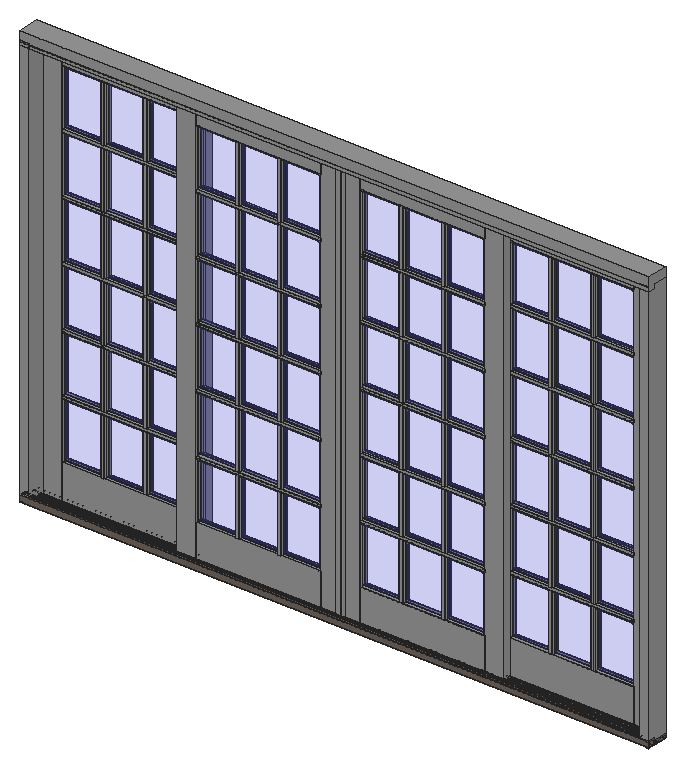
Revit family "VSDA3.1SPCO", category Doors, host Wall, Revit 2015
Parameters (values of type "VSDA3.1SPCO")
  Function = Interior
  Frame Projection Ext. = 25 mm
  Frame Projection Int. = 25 mm
  Frame Width = 75 mm
  Height = 2100 mm
  Wall Closure = By host
  Width = 3130 mm
Reference planes
  plane 1: y = 0
  plane 2 "Center (Left/Right)": x = 0
  plane 3 "Left": x = -1565
  plane 4 "Right": x = 1565
  plane 5: z = 2100
  plane 6 "Exterior": y = 75
  plane 7 "Interior": y = -75
Forms (mm)
  Extrusion 1, solid, material "Aluminium Cill (Bronze)"
    sketch origin (0, 79.18, -119.746) x (0, 1, 0) y (0, 0, 1)
      loop
        line (-26.68, 120.746) -> (-26.68, 135.746)
        arc (-26.68, 135.746) -> (-27.558, 137.867) -> (-29.68, 138.746) r 3
        line (-29.68, 138.746) -> (-40.947, 138.746)
        arc (-40.947, 138.746) -> (-42.68, 137.746) -> (-44.412, 138.746) r 2
        line (-44.412, 138.746) -> (-48.947, 138.746)
        arc (-48.947, 138.746) -> (-50.68, 137.746) -> (-52.412, 138.746) r 2
        line (-52.412, 138.746) -> (-56.947, 138.746)
        arc (-56.947, 138.746) -> (-58.68, 137.746) -> (-60.412, 138.746) r 2
        line (-60.412, 138.746) -> (-67.18, 138.746) -> (-67.18, 135.246)
        arc (-67.18, 135.246) -> (-67.619, 134.185) -> (-68.68, 133.746) r 1.5
        line (-68.68, 133.746) -> (-73.43, 133.746) -> (-73.43, 135.746) -> (-71.996, 135.746)
        arc (-71.996, 135.746) -> (-74.68, 138.746) -> (-77.363, 135.746) r 2.7
        line (-77.363, 135.746) -> (-75.93, 135.746) -> (-75.93, 133.746) -> (-80.68, 133.746)
        arc (-80.68, 133.746) -> (-81.74, 134.185) -> (-82.18, 135.246) r 1.5
        line (-82.18, 135.246) -> (-82.18, 138.746) -> (-90.432, 138.746) -> (-98.68, 138.746) -> (-98.68, 143.746)
        arc (-98.68, 143.746) -> (-99.18, 144.246) -> (-99.68, 143.746) r 0.5
        line (-99.68, 143.746) -> (-99.68, 142.734) -> (-100.88, 142.734) -> (-100.88, 150.246) -> (-99.68, 150.246) -> (-99.68, 149.246)
        arc (-99.68, 149.246) -> (-99.18, 148.746) -> (-98.68, 149.246) r 0.5
        line (-98.68, 149.246) -> (-98.68, 150.746)
        arc (-98.68, 150.746) -> (-98.972, 151.453) -> (-99.68, 151.746) r 1
        line (-99.68, 151.746) -> (-109.447, 151.746)
        arc (-109.447, 151.746) -> (-111.18, 150.746) -> (-112.912, 151.746) r 2
        line (-112.912, 151.746) -> (-117.447, 151.746)
        arc (-117.447, 151.746) -> (-119.18, 150.746) -> (-120.912, 151.746) r 2
        line (-120.912, 151.746) -> (-130.68, 151.746)
        arc (-130.68, 151.746) -> (-131.387, 151.453) -> (-131.68, 150.746) r 1
        line (-131.68, 150.746) -> (-131.68, 120.746)
        arc (-131.68, 120.746) -> (-131.387, 120.039) -> (-130.68, 119.746) r 1
        line (-130.68, 119.746) -> (-27.68, 119.746)
        arc (-27.68, 119.746) -> (-26.972, 120.039) -> (-26.68, 120.746) r 1
      loop
        line (-29.68, 137.246) -> (-40.23, 137.246)
        arc (-40.23, 137.246) -> (-42.68, 136.246) -> (-45.129, 137.246) r 3.5
        line (-45.129, 137.246) -> (-48.23, 137.246)
        arc (-48.23, 137.246) -> (-50.68, 136.246) -> (-53.129, 137.246) r 3.5
        line (-53.129, 137.246) -> (-56.23, 137.246)
        arc (-56.23, 137.246) -> (-58.68, 136.246) -> (-61.129, 137.246) r 3.5
        line (-61.129, 137.246) -> (-65.68, 137.246) -> (-65.68, 135.246)
        arc (-65.68, 135.246) -> (-66.558, 133.125) -> (-68.68, 132.246) r 3
        line (-68.68, 132.246) -> (-73.93, 132.246) -> (-73.93, 121.246) -> (-28.18, 121.246) -> (-28.18, 135.746)
        arc (-28.18, 135.746) -> (-28.619, 136.807) -> (-29.68, 137.246) r 1.5
      loop
        line (-75.43, 132.246) -> (-80.68, 132.246)
        arc (-80.68, 132.246) -> (-82.801, 133.125) -> (-83.68, 135.246) r 3
        line (-83.68, 135.246) -> (-83.68, 137.246) -> (-98.68, 137.246) -> (-98.68, 121.246) -> (-75.43, 121.246) -> (-75.43, 132.246)
      loop
        line (-100.18, 121.246) -> (-100.18, 141.246) -> (-102.38, 141.246) -> (-102.38, 150.246) -> (-108.73, 150.246)
        arc (-108.73, 150.246) -> (-111.18, 149.246) -> (-113.629, 150.246) r 3.5
        line (-113.629, 150.246) -> (-116.73, 150.246)
        arc (-116.73, 150.246) -> (-119.18, 149.246) -> (-121.629, 150.246) r 3.5
        line (-121.629, 150.246) -> (-130.18, 150.246) -> (-130.18, 121.246) -> (-100.18, 121.246)
    from -1565 to 1565
  Extrusion 2, solid, material "Lauan, Meranti"
    sketch origin (0, 0, 0) x (0, 1, 0) y (0, 0, 1)
      loop
        line (52.5, 2100) -> (-52.5, 2100) -> (-52.5, 2055) -> (-49.5, 2055) -> (-49.5, 2052) -> (-52.5, 2052) -> (-52.5, 2035) -> (-20.5, 2035) -> (-20.5, 2038.5) -> (-27.5, 2038.5) -> (-27.5, 2041.5) -> (-20.5, 2041.5) -> (-20.5, 2055) -> (32.5, 2055) -> (32.5, 2057) -> (52.5, 2057) -> (52.5, 2100)
    from -1565 to 1565
  Extrusion 3, solid, material "Lauan, Meranti"
    sketch origin (0, 0, 0) x (1, 0, 0) y (0, 1, 0)
      loop
        line (-1565, 52.5) -> (-1565, -52.5) -> (-1520, -52.5) -> (-1520, 52.5) -> (-1565, 52.5)
      loop
        line (1565, 52.5) -> (1520, 52.5) -> (1520, -52.5) -> (1565, -52.5) -> (1565, 52.5)
    from 32 to 2057
  Extrusion 4, solid, material "Lauan, Meranti"
    sketch origin (0, 0, 0) x (1, 0, 0) y (0, 1, 0)
      loop
        line (-1565, 52.5) -> (-1565, -19.5) -> (-1520, -19.5) -> (-1520, 52.5) -> (-1565, 52.5)
      loop
        line (1565, 52.5) -> (1520, 52.5) -> (1520, -19.5) -> (1565, -19.5) -> (1565, 52.5)
    from 19 to 32
  Extrusion 5, solid, material "Lauan, Meranti"
    sketch origin (550, 0, 0) x (0, 1, 0) y (0, 0, 1)
      loop
        line (52.5, 2054) -> (49.5, 2054) -> (49.5, 2057) -> (32.5, 2057) -> (32.5, 2041.5) -> (39.5, 2041.5) -> (39.5, 2038.5) -> (32.5, 2038.5) -> (32.5, 2035) -> (52.5, 2035) -> (52.5, 2054)
    from -1258.5 to 158.5
  Extrusion 6, solid, material "Lauan, Meranti"
    sketch origin (0, 0, 0) x (1, 0, 0) y (0, 1, 0)
      loop
        line (1424, 31) -> (1520, 31) -> (1520, 71) -> (1424, 71) -> (1424, 41) -> (1415, 41) -> (1415, 39) -> (1417, 39)
        arc (1417, 39) -> (1419.265, 34.56) -> (1424, 33) r 6.549
        line (1424, 33) -> (1424, 31)
      loop
        line (98, -15.5) -> (98, -13.5)
        arc (98, -13.5) -> (102.735, -11.94) -> (105, -7.5) r 6.549
        line (105, -7.5) -> (107, -7.5) -> (107, -5.5) -> (98, -5.5) -> (98, 24.5) -> (2, 24.5) -> (2, -15.5) -> (98, -15.5)
      loop
        line (717.5, -15.5) -> (813.5, -15.5) -> (813.5, 24.5) -> (717.5, 24.5) -> (717.5, -5.5) -> (708.5, -5.5) -> (708.5, -7.5) -> (710.5, -7.5)
        arc (710.5, -7.5) -> (712.765, -11.94) -> (717.5, -13.5) r 6.549
        line (717.5, -13.5) -> (717.5, -15.5)
      loop
        line (804.5, 31) -> (804.5, 33)
        arc (804.5, 33) -> (809.235, 34.56) -> (811.5, 39) r 6.549
        line (811.5, 39) -> (813.5, 39) -> (813.5, 41) -> (804.5, 41) -> (804.5, 71) -> (708.5, 71) -> (708.5, 31) -> (804.5, 31)
      loop
        line (-1424, 31) -> (-1424, 33)
        arc (-1424, 33) -> (-1419.265, 34.56) -> (-1417, 39) r 6.549
        line (-1417, 39) -> (-1415, 39) -> (-1415, 41) -> (-1424, 41) -> (-1424, 71) -> (-1520, 71) -> (-1520, 31) -> (-1424, 31)
      loop
        line (-98, -15.5) -> (-2, -15.5) -> (-2, 24.5) -> (-98, 24.5) -> (-98, -5.5) -> (-107, -5.5) -> (-107, -7.5) -> (-105, -7.5)
        arc (-105, -7.5) -> (-102.735, -11.94) -> (-98, -13.5) r 6.549
        line (-98, -13.5) -> (-98, -15.5)
      loop
        line (-717.5, -15.5) -> (-717.5, -13.5)
        arc (-717.5, -13.5) -> (-712.765, -11.94) -> (-710.5, -7.5) r 6.549
        line (-710.5, -7.5) -> (-708.5, -7.5) -> (-708.5, -5.5) -> (-717.5, -5.5) -> (-717.5, 24.5) -> (-813.5, 24.5) -> (-813.5, -15.5) -> (-717.5, -15.5)
      loop
        line (-804.5, 31) -> (-708.5, 31) -> (-708.5, 71) -> (-804.5, 71) -> (-804.5, 41) -> (-813.5, 41) -> (-813.5, 39) -> (-811.5, 39)
        arc (-811.5, 39) -> (-809.235, 34.56) -> (-804.5, 33) r 6.549
        line (-804.5, 33) -> (-804.5, 31)
    from 19 to 2055
  Extrusion 7, solid, material "Lauan, Meranti"
    sketch origin (4059.03, 0, -20) x (1, 0, 0) y (0, 1, 0)
      loop
        line (-4071.03, -25.5) -> (-4047.03, -25.5) -> (-4047.03, -23.5)
        arc (-4047.03, -23.5) -> (-4041.373, -21.157) -> (-4039.03, -15.5) r 8
        line (-4039.03, -15.5) -> (-4079.03, -15.5)
        arc (-4079.03, -15.5) -> (-4076.687, -21.157) -> (-4071.03, -23.5) r 8
        line (-4071.03, -23.5) -> (-4071.03, -25.5)
      loop
        line (-4071.03, 34.5) -> (-4071.03, 32.5)
        arc (-4071.03, 32.5) -> (-4076.687, 30.157) -> (-4079.03, 24.5) r 8
        line (-4079.03, 24.5) -> (-4039.03, 24.5)
        arc (-4039.03, 24.5) -> (-4041.373, 30.157) -> (-4047.03, 32.5) r 8
        line (-4047.03, 32.5) -> (-4047.03, 34.5) -> (-4071.03, 34.5)
    from 39 to 2055
  Extrusion 8, solid, material "Lauan, Meranti"
    sketch origin (-1675, 46.5, 0) x (0, 1, 0) y (0, 0, -1)
      loop
        line (-15.5, -190) -> (-13.5, -190)
        arc (-13.5, -190) -> (-11.866, -194.67) -> (-7.5, -197) r 6.807
        line (-7.5, -197) -> (-7.5, -199) -> (-5.5, -199) -> (-5.5, -190) -> (24.5, -190) -> (24.5, -19) -> (-15.5, -19) -> (-15.5, -190)
      loop
        arc (-7.5, -1952) -> (-11.866, -1954.33) -> (-13.5, -1959) r 6.807
        line (-13.5, -1959) -> (-15.5, -1959) -> (-15.5, -2055) -> (24.5, -2055) -> (24.5, -1959) -> (-5.5, -1959) -> (-5.5, -1950) -> (-7.5, -1950) -> (-7.5, -1952)
      loop
        line (-15.5, -1675) -> (-13.5, -1675)
        arc (-13.5, -1675) -> (-11.866, -1679.67) -> (-7.5, -1682) r 6.807
        line (-7.5, -1682) -> (-7.5, -1684) -> (-5.5, -1684) -> (-5.5, -1675) -> (24.5, -1675) -> (24.5, -1662) -> (-5.5, -1662) -> (-5.5, -1653) -> (-7.5, -1653) -> (-7.5, -1655)
        arc (-7.5, -1655) -> (-11.866, -1657.33) -> (-13.5, -1662) r 6.807
        line (-13.5, -1662) -> (-15.5, -1662) -> (-15.5, -1675)
      loop
        line (-15.5, -1378) -> (-13.5, -1378)
        arc (-13.5, -1378) -> (-11.866, -1382.67) -> (-7.5, -1385) r 6.807
        line (-7.5, -1385) -> (-7.5, -1387) -> (-5.5, -1387) -> (-5.5, -1378) -> (24.5, -1378) -> (24.5, -1365) -> (-5.5, -1365) -> (-5.5, -1356) -> (-7.5, -1356) -> (-7.5, -1358)
        arc (-7.5, -1358) -> (-11.866, -1360.33) -> (-13.5, -1365) r 6.807
        line (-13.5, -1365) -> (-15.5, -1365) -> (-15.5, -1378)
      loop
        line (-15.5, -1081) -> (-13.5, -1081)
        arc (-13.5, -1081) -> (-11.866, -1085.67) -> (-7.5, -1088) r 6.807
        line (-7.5, -1088) -> (-7.5, -1090) -> (-5.5, -1090) -> (-5.5, -1081) -> (24.5, -1081) -> (24.5, -1068) -> (-5.5, -1068) -> (-5.5, -1059) -> (-7.5, -1059) -> (-7.5, -1061)
        arc (-7.5, -1061) -> (-11.866, -1063.33) -> (-13.5, -1068) r 6.807
        line (-13.5, -1068) -> (-15.5, -1068) -> (-15.5, -1081)
      loop
        line (-15.5, -784) -> (-13.5, -784)
        arc (-13.5, -784) -> (-11.866, -788.67) -> (-7.5, -791) r 6.807
        line (-7.5, -791) -> (-7.5, -793) -> (-5.5, -793) -> (-5.5, -784) -> (24.5, -784) -> (24.5, -771) -> (-5.5, -771) -> (-5.5, -762) -> (-7.5, -762) -> (-7.5, -764)
        arc (-7.5, -764) -> (-11.866, -766.33) -> (-13.5, -771) r 6.807
        line (-13.5, -771) -> (-15.5, -771) -> (-15.5, -784)
      loop
        line (-15.5, -487) -> (-13.5, -487)
        arc (-13.5, -487) -> (-11.866, -491.67) -> (-7.5, -494) r 6.807
        line (-7.5, -494) -> (-7.5, -496) -> (-5.5, -496) -> (-5.5, -487) -> (24.5, -487) -> (24.5, -474) -> (-5.5, -474) -> (-5.5, -465) -> (-7.5, -465) -> (-7.5, -467)
        arc (-7.5, -467) -> (-11.866, -469.33) -> (-13.5, -474) r 6.807
        line (-13.5, -474) -> (-15.5, -474) -> (-15.5, -487)
    from -870.5 to -251
  Sweep 9, solid, material "Lauan, Meranti"
    path origin (-910.605, -75, -781.763) x (-1, 0, 0) y (0, 0, -1)
      loop
        line (315.575, -2740.763) -> (513.395, -2740.763) -> (513.395, -2456.763) -> (315.575, -2456.763) -> (315.575, -2740.763)
    profile origin (-1325.09, -75, 1959) x (0, 0, -1) y (0, -1, 0)
      loop
        line (9, -124.5) -> (0, -124.5) -> (0, -132.5)
        arc (0, -132.5) -> (4.67, -130.866) -> (7, -126.5) r 6.807
        line (7, -126.5) -> (9, -126.5) -> (9, -124.5)
  Extrusion 10, solid, material "Glass"
    sketch origin (-1183.125, -64.05, -73.649) x (-1, 0, 0) y (0, 0, -1)
      loop
        line (43.065, -2032.638) -> (240.875, -2032.638) -> (240.875, -1748.649) -> (43.065, -1748.649) -> (43.065, -2032.638)
      loop
        line (-167.785, -2032.649) -> (30.055, -2032.649) -> (30.055, -1748.649) -> (-167.785, -1748.649) -> (-167.785, -2032.649)
      loop
        line (-378.625, -2032.649) -> (-180.795, -2032.649) -> (-180.795, -1748.66) -> (-378.625, -1748.66) -> (-378.625, -2032.649)
      loop
        line (43.065, -1735.649) -> (240.875, -1735.649) -> (240.875, -1451.66) -> (43.065, -1451.66) -> (43.065, -1735.649)
      loop
        line (-167.785, -1735.66) -> (30.055, -1735.66) -> (30.055, -1451.66) -> (-167.785, -1451.66) -> (-167.785, -1735.66)
      loop
        line (-378.625, -1735.66) -> (-180.795, -1735.66) -> (-180.795, -1451.671) -> (-378.625, -1451.671) -> (-378.625, -1735.66)
      loop
        line (43.065, -1438.649) -> (240.875, -1438.649) -> (240.875, -1154.66) -> (43.065, -1154.66) -> (43.065, -1438.649)
      loop
        line (-167.785, -1438.66) -> (30.055, -1438.66) -> (30.055, -1154.66) -> (-167.785, -1154.66) -> (-167.785, -1438.66)
      loop
        line (-378.625, -1438.66) -> (-180.795, -1438.66) -> (-180.795, -1154.671) -> (-378.625, -1154.671) -> (-378.625, -1438.66)
      loop
        line (43.065, -1141.649) -> (240.875, -1141.649) -> (240.875, -857.66) -> (43.065, -857.66) -> (43.065, -1141.649)
      loop
        line (-167.785, -1141.66) -> (30.055, -1141.66) -> (30.055, -857.66) -> (-167.785, -857.66) -> (-167.785, -1141.66)
      loop
        line (-378.625, -1141.66) -> (-180.795, -1141.66) -> (-180.795, -857.671) -> (-378.625, -857.671) -> (-378.625, -1141.66)
      loop
        line (43.065, -844.649) -> (240.875, -844.649) -> (240.875, -560.66) -> (43.065, -560.66) -> (43.065, -844.649)
      loop
        line (-167.785, -844.66) -> (30.055, -844.66) -> (30.055, -560.66) -> (-167.785, -560.66) -> (-167.785, -844.66)
      loop
        line (-378.625, -844.66) -> (-180.795, -844.66) -> (-180.795, -560.671) -> (-378.625, -560.671) -> (-378.625, -844.66)
      loop
        line (43.065, -547.649) -> (240.875, -547.649) -> (240.875, -263.66) -> (43.065, -263.66) -> (43.065, -547.649)
      loop
        line (-167.785, -547.66) -> (30.055, -547.66) -> (30.055, -263.66) -> (-167.785, -263.66) -> (-167.785, -547.66)
      loop
        line (-378.625, -547.66) -> (-180.795, -547.66) -> (-180.795, -263.671) -> (-378.625, -263.671) -> (-378.625, -547.66)
    from -112.5 to -106.1
  Extrusion 11, solid, material "Lauan, Meranti"
    sketch origin (-655, 0, 0) x (-1, 0, 0) y (0, -1, 0)
      loop
        line (360.34, -31) -> (347.34, -31) -> (347.34, -33)
        arc (347.34, -33) -> (342.67, -34.634) -> (340.34, -39) r 6.807
        line (340.34, -39) -> (338.34, -39) -> (338.34, -41) -> (347.34, -41) -> (347.34, -71) -> (360.34, -71) -> (360.34, -41) -> (369.34, -41) -> (369.34, -39) -> (367.34, -39)
        arc (367.34, -39) -> (365.01, -34.634) -> (360.34, -33) r 6.807
        line (360.34, -33) -> (360.34, -31)
      loop
        line (571.18, -31) -> (558.18, -31) -> (558.18, -33)
        arc (558.18, -33) -> (553.51, -34.634) -> (551.18, -39) r 6.807
        line (551.18, -39) -> (549.18, -39) -> (549.18, -41) -> (558.18, -41) -> (558.18, -71) -> (571.18, -71) -> (571.18, -41) -> (580.18, -41) -> (580.18, -39) -> (578.18, -39)
        arc (578.18, -39) -> (575.85, -34.634) -> (571.18, -33) r 6.807
        line (571.18, -33) -> (571.18, -31)
    from 1675 to 1959
  Sweep 12, solid, material "Lauan, Meranti"
    path origin (-699.785, -75, -781.763) x (-1, 0, 0) y (0, 0, -1)
      loop
        line (315.575, -2740.763) -> (513.395, -2740.763) -> (513.395, -2456.763) -> (315.575, -2456.763) -> (315.575, -2740.763)
    profile origin (-1114.27, -75, 1959) x (0, 0, -1) y (0, -1, 0)
      loop
        line (9, -124.5) -> (0, -124.5) -> (0, -132.5)
        arc (0, -132.5) -> (4.67, -130.866) -> (7, -126.5) r 6.807
        line (7, -126.5) -> (9, -126.5) -> (9, -124.5)
  Sweep 13, solid, material "Lauan, Meranti"
    path origin (-488.945, -75, -781.763) x (-1, 0, 0) y (0, 0, -1)
      loop
        line (315.575, -2740.763) -> (513.395, -2740.763) -> (513.395, -2456.763) -> (315.575, -2456.763) -> (315.575, -2740.763)
    profile origin (-903.43, -75, 1959) x (0, 0, -1) y (0, -1, 0)
      loop
        line (9, -124.5) -> (0, -124.5) -> (0, -132.5)
        arc (0, -132.5) -> (4.67, -130.866) -> (7, -126.5) r 6.807
        line (7, -126.5) -> (9, -126.5) -> (9, -124.5)
  Sweep 14, solid, material "Lauan, Meranti"
    path origin (-910.605, -75, -1078.763) x (-1, 0, 0) y (0, 0, -1)
      loop
        line (315.575, -2740.763) -> (513.395, -2740.763) -> (513.395, -2456.763) -> (315.575, -2456.763) -> (315.575, -2740.763)
    profile origin (-1325.09, -75, 1662) x (0, 0, -1) y (0, -1, 0)
      loop
        line (9, -124.5) -> (0, -124.5) -> (0, -132.5)
        arc (0, -132.5) -> (4.67, -130.866) -> (7, -126.5) r 6.807
        line (7, -126.5) -> (9, -126.5) -> (9, -124.5)
  Extrusion 15, solid, material "Lauan, Meranti"
    sketch origin (-655, 0, -297) x (-1, 0, 0) y (0, -1, 0)
      loop
        line (360.34, -31) -> (347.34, -31) -> (347.34, -33)
        arc (347.34, -33) -> (342.67, -34.634) -> (340.34, -39) r 6.807
        line (340.34, -39) -> (338.34, -39) -> (338.34, -41) -> (347.34, -41) -> (347.34, -71) -> (360.34, -71) -> (360.34, -41) -> (369.34, -41) -> (369.34, -39) -> (367.34, -39)
        arc (367.34, -39) -> (365.01, -34.634) -> (360.34, -33) r 6.807
        line (360.34, -33) -> (360.34, -31)
      loop
        line (571.18, -31) -> (558.18, -31) -> (558.18, -33)
        arc (558.18, -33) -> (553.51, -34.634) -> (551.18, -39) r 6.807
        line (551.18, -39) -> (549.18, -39) -> (549.18, -41) -> (558.18, -41) -> (558.18, -71) -> (571.18, -71) -> (571.18, -41) -> (580.18, -41) -> (580.18, -39) -> (578.18, -39)
        arc (578.18, -39) -> (575.85, -34.634) -> (571.18, -33) r 6.807
        line (571.18, -33) -> (571.18, -31)
    from 1675 to 1959
  Sweep 16, solid, material "Lauan, Meranti"
    path origin (-699.785, -75, -1078.763) x (-1, 0, 0) y (0, 0, -1)
      loop
        line (315.575, -2740.763) -> (513.395, -2740.763) -> (513.395, -2456.763) -> (315.575, -2456.763) -> (315.575, -2740.763)
    profile origin (-1114.27, -75, 1662) x (0, 0, -1) y (0, -1, 0)
      loop
        line (9, -124.5) -> (0, -124.5) -> (0, -132.5)
        arc (0, -132.5) -> (4.67, -130.866) -> (7, -126.5) r 6.807
        line (7, -126.5) -> (9, -126.5) -> (9, -124.5)
  Sweep 17, solid, material "Lauan, Meranti"
    path origin (-488.945, -75, -1078.763) x (-1, 0, 0) y (0, 0, -1)
      loop
        line (315.575, -2740.763) -> (513.395, -2740.763) -> (513.395, -2456.763) -> (315.575, -2456.763) -> (315.575, -2740.763)
    profile origin (-903.43, -75, 1662) x (0, 0, -1) y (0, -1, 0)
      loop
        line (9, -124.5) -> (0, -124.5) -> (0, -132.5)
        arc (0, -132.5) -> (4.67, -130.866) -> (7, -126.5) r 6.807
        line (7, -126.5) -> (9, -126.5) -> (9, -124.5)
  Sweep 18, solid, material "Lauan, Meranti"
    path origin (-910.605, -75, -1375.763) x (-1, 0, 0) y (0, 0, -1)
      loop
        line (315.575, -2740.763) -> (513.395, -2740.763) -> (513.395, -2456.763) -> (315.575, -2456.763) -> (315.575, -2740.763)
    profile origin (-1325.09, -75, 1365) x (0, 0, -1) y (0, -1, 0)
      loop
        line (9, -124.5) -> (0, -124.5) -> (0, -132.5)
        arc (0, -132.5) -> (4.67, -130.866) -> (7, -126.5) r 6.807
        line (7, -126.5) -> (9, -126.5) -> (9, -124.5)
  Extrusion 19, solid, material "Lauan, Meranti"
    sketch origin (-655, 0, -594) x (-1, 0, 0) y (0, -1, 0)
      loop
        line (360.34, -31) -> (347.34, -31) -> (347.34, -33)
        arc (347.34, -33) -> (342.67, -34.634) -> (340.34, -39) r 6.807
        line (340.34, -39) -> (338.34, -39) -> (338.34, -41) -> (347.34, -41) -> (347.34, -71) -> (360.34, -71) -> (360.34, -41) -> (369.34, -41) -> (369.34, -39) -> (367.34, -39)
        arc (367.34, -39) -> (365.01, -34.634) -> (360.34, -33) r 6.807
        line (360.34, -33) -> (360.34, -31)
      loop
        line (571.18, -31) -> (558.18, -31) -> (558.18, -33)
        arc (558.18, -33) -> (553.51, -34.634) -> (551.18, -39) r 6.807
        line (551.18, -39) -> (549.18, -39) -> (549.18, -41) -> (558.18, -41) -> (558.18, -71) -> (571.18, -71) -> (571.18, -41) -> (580.18, -41) -> (580.18, -39) -> (578.18, -39)
        arc (578.18, -39) -> (575.85, -34.634) -> (571.18, -33) r 6.807
        line (571.18, -33) -> (571.18, -31)
    from 1675 to 1959
  Sweep 20, solid, material "Lauan, Meranti"
    path origin (-699.785, -75, -1375.763) x (-1, 0, 0) y (0, 0, -1)
      loop
        line (315.575, -2740.763) -> (513.395, -2740.763) -> (513.395, -2456.763) -> (315.575, -2456.763) -> (315.575, -2740.763)
    profile origin (-1114.27, -75, 1365) x (0, 0, -1) y (0, -1, 0)
      loop
        line (9, -124.5) -> (0, -124.5) -> (0, -132.5)
        arc (0, -132.5) -> (4.67, -130.866) -> (7, -126.5) r 6.807
        line (7, -126.5) -> (9, -126.5) -> (9, -124.5)
  Sweep 21, solid, material "Lauan, Meranti"
    path origin (-488.945, -75, -1375.763) x (-1, 0, 0) y (0, 0, -1)
      loop
        line (315.575, -2740.763) -> (513.395, -2740.763) -> (513.395, -2456.763) -> (315.575, -2456.763) -> (315.575, -2740.763)
    profile origin (-903.43, -75, 1365) x (0, 0, -1) y (0, -1, 0)
      loop
        line (9, -124.5) -> (0, -124.5) -> (0, -132.5)
        arc (0, -132.5) -> (4.67, -130.866) -> (7, -126.5) r 6.807
        line (7, -126.5) -> (9, -126.5) -> (9, -124.5)
  Sweep 22, solid, material "Lauan, Meranti"
    path origin (-910.605, -75, -1672.763) x (-1, 0, 0) y (0, 0, -1)
      loop
        line (315.575, -2740.763) -> (513.395, -2740.763) -> (513.395, -2456.763) -> (315.575, -2456.763) -> (315.575, -2740.763)
    profile origin (-1325.09, -75, 1068) x (0, 0, -1) y (0, -1, 0)
      loop
        line (9, -124.5) -> (0, -124.5) -> (0, -132.5)
        arc (0, -132.5) -> (4.67, -130.866) -> (7, -126.5) r 6.807
        line (7, -126.5) -> (9, -126.5) -> (9, -124.5)
  Extrusion 23, solid, material "Lauan, Meranti"
    sketch origin (-655, 0, -891) x (-1, 0, 0) y (0, -1, 0)
      loop
        line (360.34, -31) -> (347.34, -31) -> (347.34, -33)
        arc (347.34, -33) -> (342.67, -34.634) -> (340.34, -39) r 6.807
        line (340.34, -39) -> (338.34, -39) -> (338.34, -41) -> (347.34, -41) -> (347.34, -71) -> (360.34, -71) -> (360.34, -41) -> (369.34, -41) -> (369.34, -39) -> (367.34, -39)
        arc (367.34, -39) -> (365.01, -34.634) -> (360.34, -33) r 6.807
        line (360.34, -33) -> (360.34, -31)
      loop
        line (571.18, -31) -> (558.18, -31) -> (558.18, -33)
        arc (558.18, -33) -> (553.51, -34.634) -> (551.18, -39) r 6.807
        line (551.18, -39) -> (549.18, -39) -> (549.18, -41) -> (558.18, -41) -> (558.18, -71) -> (571.18, -71) -> (571.18, -41) -> (580.18, -41) -> (580.18, -39) -> (578.18, -39)
        arc (578.18, -39) -> (575.85, -34.634) -> (571.18, -33) r 6.807
        line (571.18, -33) -> (571.18, -31)
    from 1675 to 1959
  Sweep 24, solid, material "Lauan, Meranti"
    path origin (-699.785, -75, -1672.763) x (-1, 0, 0) y (0, 0, -1)
      loop
        line (315.575, -2740.763) -> (513.395, -2740.763) -> (513.395, -2456.763) -> (315.575, -2456.763) -> (315.575, -2740.763)
    profile origin (-1114.27, -75, 1068) x (0, 0, -1) y (0, -1, 0)
      loop
        line (9, -124.5) -> (0, -124.5) -> (0, -132.5)
        arc (0, -132.5) -> (4.67, -130.866) -> (7, -126.5) r 6.807
        line (7, -126.5) -> (9, -126.5) -> (9, -124.5)
  Sweep 25, solid, material "Lauan, Meranti"
    path origin (-488.945, -75, -1672.763) x (-1, 0, 0) y (0, 0, -1)
      loop
        line (315.575, -2740.763) -> (513.395, -2740.763) -> (513.395, -2456.763) -> (315.575, -2456.763) -> (315.575, -2740.763)
    profile origin (-903.43, -75, 1068) x (0, 0, -1) y (0, -1, 0)
      loop
        line (9, -124.5) -> (0, -124.5) -> (0, -132.5)
        arc (0, -132.5) -> (4.67, -130.866) -> (7, -126.5) r 6.807
        line (7, -126.5) -> (9, -126.5) -> (9, -124.5)
  Sweep 26, solid, material "Lauan, Meranti"
    path origin (-910.605, -75, -1969.763) x (-1, 0, 0) y (0, 0, -1)
      loop
        line (315.575, -2740.763) -> (513.395, -2740.763) -> (513.395, -2456.763) -> (315.575, -2456.763) -> (315.575, -2740.763)
    profile origin (-1325.09, -75, 771) x (0, 0, -1) y (0, -1, 0)
      loop
        line (9, -124.5) -> (0, -124.5) -> (0, -132.5)
        arc (0, -132.5) -> (4.67, -130.866) -> (7, -126.5) r 6.807
        line (7, -126.5) -> (9, -126.5) -> (9, -124.5)
  Extrusion 27, solid, material "Lauan, Meranti"
    sketch origin (-655, 0, -1188) x (-1, 0, 0) y (0, -1, 0)
      loop
        line (360.34, -31) -> (347.34, -31) -> (347.34, -33)
        arc (347.34, -33) -> (342.67, -34.634) -> (340.34, -39) r 6.807
        line (340.34, -39) -> (338.34, -39) -> (338.34, -41) -> (347.34, -41) -> (347.34, -71) -> (360.34, -71) -> (360.34, -41) -> (369.34, -41) -> (369.34, -39) -> (367.34, -39)
        arc (367.34, -39) -> (365.01, -34.634) -> (360.34, -33) r 6.807
        line (360.34, -33) -> (360.34, -31)
      loop
        line (571.18, -31) -> (558.18, -31) -> (558.18, -33)
        arc (558.18, -33) -> (553.51, -34.634) -> (551.18, -39) r 6.807
        line (551.18, -39) -> (549.18, -39) -> (549.18, -41) -> (558.18, -41) -> (558.18, -71) -> (571.18, -71) -> (571.18, -41) -> (580.18, -41) -> (580.18, -39) -> (578.18, -39)
        arc (578.18, -39) -> (575.85, -34.634) -> (571.18, -33) r 6.807
        line (571.18, -33) -> (571.18, -31)
    from 1675 to 1959
  Sweep 28, solid, material "Lauan, Meranti"
    path origin (-699.785, -75, -1969.763) x (-1, 0, 0) y (0, 0, -1)
      loop
        line (315.575, -2740.763) -> (513.395, -2740.763) -> (513.395, -2456.763) -> (315.575, -2456.763) -> (315.575, -2740.763)
    profile origin (-1114.27, -75, 771) x (0, 0, -1) y (0, -1, 0)
      loop
        line (9, -124.5) -> (0, -124.5) -> (0, -132.5)
        arc (0, -132.5) -> (4.67, -130.866) -> (7, -126.5) r 6.807
        line (7, -126.5) -> (9, -126.5) -> (9, -124.5)
  Sweep 29, solid, material "Lauan, Meranti"
    path origin (-488.945, -75, -1969.763) x (-1, 0, 0) y (0, 0, -1)
      loop
        line (315.575, -2740.763) -> (513.395, -2740.763) -> (513.395, -2456.763) -> (315.575, -2456.763) -> (315.575, -2740.763)
    profile origin (-903.43, -75, 771) x (0, 0, -1) y (0, -1, 0)
      loop
        line (9, -124.5) -> (0, -124.5) -> (0, -132.5)
        arc (0, -132.5) -> (4.67, -130.866) -> (7, -126.5) r 6.807
        line (7, -126.5) -> (9, -126.5) -> (9, -124.5)
  Sweep 30, solid, material "Lauan, Meranti"
    path origin (-910.605, -75, -2266.763) x (-1, 0, 0) y (0, 0, -1)
      loop
        line (315.575, -2740.763) -> (513.395, -2740.763) -> (513.395, -2456.763) -> (315.575, -2456.763) -> (315.575, -2740.763)
    profile origin (-1325.09, -75, 474) x (0, 0, -1) y (0, -1, 0)
      loop
        line (9, -124.5) -> (0, -124.5) -> (0, -132.5)
        arc (0, -132.5) -> (4.67, -130.866) -> (7, -126.5) r 6.807
        line (7, -126.5) -> (9, -126.5) -> (9, -124.5)
  Extrusion 31, solid, material "Lauan, Meranti"
    sketch origin (-655, 0, -1485) x (-1, 0, 0) y (0, -1, 0)
      loop
        line (360.34, -31) -> (347.34, -31) -> (347.34, -33)
        arc (347.34, -33) -> (342.67, -34.634) -> (340.34, -39) r 6.807
        line (340.34, -39) -> (338.34, -39) -> (338.34, -41) -> (347.34, -41) -> (347.34, -71) -> (360.34, -71) -> (360.34, -41) -> (369.34, -41) -> (369.34, -39) -> (367.34, -39)
        arc (367.34, -39) -> (365.01, -34.634) -> (360.34, -33) r 6.807
        line (360.34, -33) -> (360.34, -31)
      loop
        line (571.18, -31) -> (558.18, -31) -> (558.18, -33)
        arc (558.18, -33) -> (553.51, -34.634) -> (551.18, -39) r 6.807
        line (551.18, -39) -> (549.18, -39) -> (549.18, -41) -> (558.18, -41) -> (558.18, -71) -> (571.18, -71) -> (571.18, -41) -> (580.18, -41) -> (580.18, -39) -> (578.18, -39)
        arc (578.18, -39) -> (575.85, -34.634) -> (571.18, -33) r 6.807
        line (571.18, -33) -> (571.18, -31)
    from 1675 to 1959
  Sweep 32, solid, material "Lauan, Meranti"
    path origin (-699.785, -75, -2266.763) x (-1, 0, 0) y (0, 0, -1)
      loop
        line (315.575, -2740.763) -> (513.395, -2740.763) -> (513.395, -2456.763) -> (315.575, -2456.763) -> (315.575, -2740.763)
    profile origin (-1114.27, -75, 474) x (0, 0, -1) y (0, -1, 0)
      loop
        line (9, -124.5) -> (0, -124.5) -> (0, -132.5)
        arc (0, -132.5) -> (4.67, -130.866) -> (7, -126.5) r 6.807
        line (7, -126.5) -> (9, -126.5) -> (9, -124.5)
  Sweep 33, solid, material "Lauan, Meranti"
    path origin (-488.945, -75, -2266.763) x (-1, 0, 0) y (0, 0, -1)
      loop
        line (315.575, -2740.763) -> (513.395, -2740.763) -> (513.395, -2456.763) -> (315.575, -2456.763) -> (315.575, -2740.763)
    profile origin (-903.43, -75, 474) x (0, 0, -1) y (0, -1, 0)
      loop
        line (9, -124.5) -> (0, -124.5) -> (0, -132.5)
        arc (0, -132.5) -> (4.67, -130.866) -> (7, -126.5) r 6.807
        line (7, -126.5) -> (9, -126.5) -> (9, -124.5)
  Extrusion 34, solid, material "Lauan, Meranti"
    sketch origin (-968.5, 0, 0) x (0, 1, 0) y (0, 0, -1)
      loop
        line (-15.5, -190) -> (-13.5, -190)
        arc (-13.5, -190) -> (-11.866, -194.67) -> (-7.5, -197) r 6.807
        line (-7.5, -197) -> (-7.5, -199) -> (-5.5, -199) -> (-5.5, -190) -> (24.5, -190) -> (24.5, -19) -> (-15.5, -19) -> (-15.5, -190)
      loop
        arc (-7.5, -1952) -> (-11.866, -1954.33) -> (-13.5, -1959) r 6.807
        line (-13.5, -1959) -> (-15.5, -1959) -> (-15.5, -2055) -> (24.5, -2055) -> (24.5, -1959) -> (-5.5, -1959) -> (-5.5, -1950) -> (-7.5, -1950) -> (-7.5, -1952)
      loop
        line (-15.5, -1675) -> (-13.5, -1675)
        arc (-13.5, -1675) -> (-11.866, -1679.67) -> (-7.5, -1682) r 6.807
        line (-7.5, -1682) -> (-7.5, -1684) -> (-5.5, -1684) -> (-5.5, -1675) -> (24.5, -1675) -> (24.5, -1662) -> (-5.5, -1662) -> (-5.5, -1653) -> (-7.5, -1653) -> (-7.5, -1655)
        arc (-7.5, -1655) -> (-11.866, -1657.33) -> (-13.5, -1662) r 6.807
        line (-13.5, -1662) -> (-15.5, -1662) -> (-15.5, -1675)
      loop
        line (-15.5, -1378) -> (-13.5, -1378)
        arc (-13.5, -1378) -> (-11.866, -1382.67) -> (-7.5, -1385) r 6.807
        line (-7.5, -1385) -> (-7.5, -1387) -> (-5.5, -1387) -> (-5.5, -1378) -> (24.5, -1378) -> (24.5, -1365) -> (-5.5, -1365) -> (-5.5, -1356) -> (-7.5, -1356) -> (-7.5, -1358)
        arc (-7.5, -1358) -> (-11.866, -1360.33) -> (-13.5, -1365) r 6.807
        line (-13.5, -1365) -> (-15.5, -1365) -> (-15.5, -1378)
      loop
        line (-15.5, -1081) -> (-13.5, -1081)
        arc (-13.5, -1081) -> (-11.866, -1085.67) -> (-7.5, -1088) r 6.807
        line (-7.5, -1088) -> (-7.5, -1090) -> (-5.5, -1090) -> (-5.5, -1081) -> (24.5, -1081) -> (24.5, -1068) -> (-5.5, -1068) -> (-5.5, -1059) -> (-7.5, -1059) -> (-7.5, -1061)
        arc (-7.5, -1061) -> (-11.866, -1063.33) -> (-13.5, -1068) r 6.807
        line (-13.5, -1068) -> (-15.5, -1068) -> (-15.5, -1081)
      loop
        line (-15.5, -784) -> (-13.5, -784)
        arc (-13.5, -784) -> (-11.866, -788.67) -> (-7.5, -791) r 6.807
        line (-7.5, -791) -> (-7.5, -793) -> (-5.5, -793) -> (-5.5, -784) -> (24.5, -784) -> (24.5, -771) -> (-5.5, -771) -> (-5.5, -762) -> (-7.5, -762) -> (-7.5, -764)
        arc (-7.5, -764) -> (-11.866, -766.33) -> (-13.5, -771) r 6.807
        line (-13.5, -771) -> (-15.5, -771) -> (-15.5, -784)
      loop
        line (-15.5, -487) -> (-13.5, -487)
        arc (-13.5, -487) -> (-11.866, -491.67) -> (-7.5, -494) r 6.807
        line (-7.5, -494) -> (-7.5, -496) -> (-5.5, -496) -> (-5.5, -487) -> (24.5, -487) -> (24.5, -474) -> (-5.5, -474) -> (-5.5, -465) -> (-7.5, -465) -> (-7.5, -467)
        arc (-7.5, -467) -> (-11.866, -469.33) -> (-13.5, -474) r 6.807
        line (-13.5, -474) -> (-15.5, -474) -> (-15.5, -487)
    from -870.5 to -251
  Sweep 35, solid, material "Lauan, Meranti"
    path origin (-204.105, -121.5, -781.763) x (-1, 0, 0) y (0, 0, -1)
      loop
        line (315.575, -2740.763) -> (513.395, -2740.763) -> (513.395, -2456.763) -> (315.575, -2456.763) -> (315.575, -2740.763)
    profile origin (-618.59, -121.5, 1959) x (0, 0, -1) y (0, -1, 0)
      loop
        line (9, -124.5) -> (0, -124.5) -> (0, -132.5)
        arc (0, -132.5) -> (4.67, -130.866) -> (7, -126.5) r 6.807
        line (7, -126.5) -> (9, -126.5) -> (9, -124.5)
  Extrusion 36, solid, material "Glass"
    sketch origin (-476.625, -110.55, -73.649) x (-1, 0, 0) y (0, 0, -1)
      loop
        line (43.065, -2032.638) -> (240.875, -2032.638) -> (240.875, -1748.649) -> (43.065, -1748.649) -> (43.065, -2032.638)
      loop
        line (-167.785, -2032.649) -> (30.055, -2032.649) -> (30.055, -1748.649) -> (-167.785, -1748.649) -> (-167.785, -2032.649)
      loop
        line (-378.625, -2032.649) -> (-180.795, -2032.649) -> (-180.795, -1748.66) -> (-378.625, -1748.66) -> (-378.625, -2032.649)
      loop
        line (43.065, -1735.649) -> (240.875, -1735.649) -> (240.875, -1451.66) -> (43.065, -1451.66) -> (43.065, -1735.649)
      loop
        line (-167.785, -1735.66) -> (30.055, -1735.66) -> (30.055, -1451.66) -> (-167.785, -1451.66) -> (-167.785, -1735.66)
      loop
        line (-378.625, -1735.66) -> (-180.795, -1735.66) -> (-180.795, -1451.671) -> (-378.625, -1451.671) -> (-378.625, -1735.66)
      loop
        line (43.065, -1438.649) -> (240.875, -1438.649) -> (240.875, -1154.66) -> (43.065, -1154.66) -> (43.065, -1438.649)
      loop
        line (-167.785, -1438.66) -> (30.055, -1438.66) -> (30.055, -1154.66) -> (-167.785, -1154.66) -> (-167.785, -1438.66)
      loop
        line (-378.625, -1438.66) -> (-180.795, -1438.66) -> (-180.795, -1154.671) -> (-378.625, -1154.671) -> (-378.625, -1438.66)
      loop
        line (43.065, -1141.649) -> (240.875, -1141.649) -> (240.875, -857.66) -> (43.065, -857.66) -> (43.065, -1141.649)
      loop
        line (-167.785, -1141.66) -> (30.055, -1141.66) -> (30.055, -857.66) -> (-167.785, -857.66) -> (-167.785, -1141.66)
      loop
        line (-378.625, -1141.66) -> (-180.795, -1141.66) -> (-180.795, -857.671) -> (-378.625, -857.671) -> (-378.625, -1141.66)
      loop
        line (43.065, -844.649) -> (240.875, -844.649) -> (240.875, -560.66) -> (43.065, -560.66) -> (43.065, -844.649)
      loop
        line (-167.785, -844.66) -> (30.055, -844.66) -> (30.055, -560.66) -> (-167.785, -560.66) -> (-167.785, -844.66)
      loop
        line (-378.625, -844.66) -> (-180.795, -844.66) -> (-180.795, -560.671) -> (-378.625, -560.671) -> (-378.625, -844.66)
      loop
        line (43.065, -547.649) -> (240.875, -547.649) -> (240.875, -263.66) -> (43.065, -263.66) -> (43.065, -547.649)
      loop
        line (-167.785, -547.66) -> (30.055, -547.66) -> (30.055, -263.66) -> (-167.785, -263.66) -> (-167.785, -547.66)
      loop
        line (-378.625, -547.66) -> (-180.795, -547.66) -> (-180.795, -263.671) -> (-378.625, -263.671) -> (-378.625, -547.66)
    from -112.5 to -106.1
  Extrusion 37, solid, material "Lauan, Meranti"
    sketch origin (51.5, -46.5, 0) x (-1, 0, 0) y (0, -1, 0)
      loop
        line (360.34, -31) -> (347.34, -31) -> (347.34, -33)
        arc (347.34, -33) -> (342.67, -34.634) -> (340.34, -39) r 6.807
        line (340.34, -39) -> (338.34, -39) -> (338.34, -41) -> (347.34, -41) -> (347.34, -71) -> (360.34, -71) -> (360.34, -41) -> (369.34, -41) -> (369.34, -39) -> (367.34, -39)
        arc (367.34, -39) -> (365.01, -34.634) -> (360.34, -33) r 6.807
        line (360.34, -33) -> (360.34, -31)
      loop
        line (571.18, -31) -> (558.18, -31) -> (558.18, -33)
        arc (558.18, -33) -> (553.51, -34.634) -> (551.18, -39) r 6.807
        line (551.18, -39) -> (549.18, -39) -> (549.18, -41) -> (558.18, -41) -> (558.18, -71) -> (571.18, -71) -> (571.18, -41) -> (580.18, -41) -> (580.18, -39) -> (578.18, -39)
        arc (578.18, -39) -> (575.85, -34.634) -> (571.18, -33) r 6.807
        line (571.18, -33) -> (571.18, -31)
    from 1675 to 1959
  Sweep 38, solid, material "Lauan, Meranti"
    path origin (6.715, -121.5, -781.763) x (-1, 0, 0) y (0, 0, -1)
      loop
        line (315.575, -2740.763) -> (513.395, -2740.763) -> (513.395, -2456.763) -> (315.575, -2456.763) -> (315.575, -2740.763)
    profile origin (-407.77, -121.5, 1959) x (0, 0, -1) y (0, -1, 0)
      loop
        line (9, -124.5) -> (0, -124.5) -> (0, -132.5)
        arc (0, -132.5) -> (4.67, -130.866) -> (7, -126.5) r 6.807
        line (7, -126.5) -> (9, -126.5) -> (9, -124.5)
  Sweep 39, solid, material "Lauan, Meranti"
    path origin (217.555, -121.5, -781.763) x (-1, 0, 0) y (0, 0, -1)
      loop
        line (315.575, -2740.763) -> (513.395, -2740.763) -> (513.395, -2456.763) -> (315.575, -2456.763) -> (315.575, -2740.763)
    profile origin (-196.93, -121.5, 1959) x (0, 0, -1) y (0, -1, 0)
      loop
        line (9, -124.5) -> (0, -124.5) -> (0, -132.5)
        arc (0, -132.5) -> (4.67, -130.866) -> (7, -126.5) r 6.807
        line (7, -126.5) -> (9, -126.5) -> (9, -124.5)
  Sweep 40, solid, material "Lauan, Meranti"
    path origin (-204.105, -121.5, -1078.763) x (-1, 0, 0) y (0, 0, -1)
      loop
        line (315.575, -2740.763) -> (513.395, -2740.763) -> (513.395, -2456.763) -> (315.575, -2456.763) -> (315.575, -2740.763)
    profile origin (-618.59, -121.5, 1662) x (0, 0, -1) y (0, -1, 0)
      loop
        line (9, -124.5) -> (0, -124.5) -> (0, -132.5)
        arc (0, -132.5) -> (4.67, -130.866) -> (7, -126.5) r 6.807
        line (7, -126.5) -> (9, -126.5) -> (9, -124.5)
  Sweep 41, solid, material "Lauan, Meranti"
    path origin (6.715, -121.5, -1078.763) x (-1, 0, 0) y (0, 0, -1)
      loop
        line (315.575, -2740.763) -> (513.395, -2740.763) -> (513.395, -2456.763) -> (315.575, -2456.763) -> (315.575, -2740.763)
    profile origin (-407.77, -121.5, 1662) x (0, 0, -1) y (0, -1, 0)
      loop
        line (9, -124.5) -> (0, -124.5) -> (0, -132.5)
        arc (0, -132.5) -> (4.67, -130.866) -> (7, -126.5) r 6.807
        line (7, -126.5) -> (9, -126.5) -> (9, -124.5)
  Sweep 42, solid, material "Lauan, Meranti"
    path origin (217.555, -121.5, -1078.763) x (-1, 0, 0) y (0, 0, -1)
      loop
        line (315.575, -2740.763) -> (513.395, -2740.763) -> (513.395, -2456.763) -> (315.575, -2456.763) -> (315.575, -2740.763)
    profile origin (-196.93, -121.5, 1662) x (0, 0, -1) y (0, -1, 0)
      loop
        line (9, -124.5) -> (0, -124.5) -> (0, -132.5)
        arc (0, -132.5) -> (4.67, -130.866) -> (7, -126.5) r 6.807
        line (7, -126.5) -> (9, -126.5) -> (9, -124.5)
  Sweep 43, solid, material "Lauan, Meranti"
    path origin (-204.105, -121.5, -1375.763) x (-1, 0, 0) y (0, 0, -1)
      loop
        line (315.575, -2740.763) -> (513.395, -2740.763) -> (513.395, -2456.763) -> (315.575, -2456.763) -> (315.575, -2740.763)
    profile origin (-618.59, -121.5, 1365) x (0, 0, -1) y (0, -1, 0)
      loop
        line (9, -124.5) -> (0, -124.5) -> (0, -132.5)
        arc (0, -132.5) -> (4.67, -130.866) -> (7, -126.5) r 6.807
        line (7, -126.5) -> (9, -126.5) -> (9, -124.5)
  Sweep 44, solid, material "Lauan, Meranti"
    path origin (6.715, -121.5, -1375.763) x (-1, 0, 0) y (0, 0, -1)
      loop
        line (315.575, -2740.763) -> (513.395, -2740.763) -> (513.395, -2456.763) -> (315.575, -2456.763) -> (315.575, -2740.763)
    profile origin (-407.77, -121.5, 1365) x (0, 0, -1) y (0, -1, 0)
      loop
        line (9, -124.5) -> (0, -124.5) -> (0, -132.5)
        arc (0, -132.5) -> (4.67, -130.866) -> (7, -126.5) r 6.807
        line (7, -126.5) -> (9, -126.5) -> (9, -124.5)
  Sweep 45, solid, material "Lauan, Meranti"
    path origin (217.555, -121.5, -1375.763) x (-1, 0, 0) y (0, 0, -1)
      loop
        line (315.575, -2740.763) -> (513.395, -2740.763) -> (513.395, -2456.763) -> (315.575, -2456.763) -> (315.575, -2740.763)
    profile origin (-196.93, -121.5, 1365) x (0, 0, -1) y (0, -1, 0)
      loop
        line (9, -124.5) -> (0, -124.5) -> (0, -132.5)
        arc (0, -132.5) -> (4.67, -130.866) -> (7, -126.5) r 6.807
        line (7, -126.5) -> (9, -126.5) -> (9, -124.5)
  Sweep 46, solid, material "Lauan, Meranti"
    path origin (-204.105, -121.5, -1672.763) x (-1, 0, 0) y (0, 0, -1)
      loop
        line (315.575, -2740.763) -> (513.395, -2740.763) -> (513.395, -2456.763) -> (315.575, -2456.763) -> (315.575, -2740.763)
    profile origin (-618.59, -121.5, 1068) x (0, 0, -1) y (0, -1, 0)
      loop
        line (9, -124.5) -> (0, -124.5) -> (0, -132.5)
        arc (0, -132.5) -> (4.67, -130.866) -> (7, -126.5) r 6.807
        line (7, -126.5) -> (9, -126.5) -> (9, -124.5)
  Sweep 47, solid, material "Lauan, Meranti"
    path origin (6.715, -121.5, -1672.763) x (-1, 0, 0) y (0, 0, -1)
      loop
        line (315.575, -2740.763) -> (513.395, -2740.763) -> (513.395, -2456.763) -> (315.575, -2456.763) -> (315.575, -2740.763)
    profile origin (-407.77, -121.5, 1068) x (0, 0, -1) y (0, -1, 0)
      loop
        line (9, -124.5) -> (0, -124.5) -> (0, -132.5)
        arc (0, -132.5) -> (4.67, -130.866) -> (7, -126.5) r 6.807
        line (7, -126.5) -> (9, -126.5) -> (9, -124.5)
  Sweep 48, solid, material "Lauan, Meranti"
    path origin (217.555, -121.5, -1672.763) x (-1, 0, 0) y (0, 0, -1)
      loop
        line (315.575, -2740.763) -> (513.395, -2740.763) -> (513.395, -2456.763) -> (315.575, -2456.763) -> (315.575, -2740.763)
    profile origin (-196.93, -121.5, 1068) x (0, 0, -1) y (0, -1, 0)
      loop
        line (9, -124.5) -> (0, -124.5) -> (0, -132.5)
        arc (0, -132.5) -> (4.67, -130.866) -> (7, -126.5) r 6.807
        line (7, -126.5) -> (9, -126.5) -> (9, -124.5)
  Sweep 49, solid, material "Lauan, Meranti"
    path origin (-204.105, -121.5, -1969.763) x (-1, 0, 0) y (0, 0, -1)
      loop
        line (315.575, -2740.763) -> (513.395, -2740.763) -> (513.395, -2456.763) -> (315.575, -2456.763) -> (315.575, -2740.763)
    profile origin (-618.59, -121.5, 771) x (0, 0, -1) y (0, -1, 0)
      loop
        line (9, -124.5) -> (0, -124.5) -> (0, -132.5)
        arc (0, -132.5) -> (4.67, -130.866) -> (7, -126.5) r 6.807
        line (7, -126.5) -> (9, -126.5) -> (9, -124.5)
  Sweep 50, solid, material "Lauan, Meranti"
    path origin (6.715, -121.5, -1969.763) x (-1, 0, 0) y (0, 0, -1)
      loop
        line (315.575, -2740.763) -> (513.395, -2740.763) -> (513.395, -2456.763) -> (315.575, -2456.763) -> (315.575, -2740.763)
    profile origin (-407.77, -121.5, 771) x (0, 0, -1) y (0, -1, 0)
      loop
        line (9, -124.5) -> (0, -124.5) -> (0, -132.5)
        arc (0, -132.5) -> (4.67, -130.866) -> (7, -126.5) r 6.807
        line (7, -126.5) -> (9, -126.5) -> (9, -124.5)
  Sweep 51, solid, material "Lauan, Meranti"
    path origin (217.555, -121.5, -1969.763) x (-1, 0, 0) y (0, 0, -1)
      loop
        line (315.575, -2740.763) -> (513.395, -2740.763) -> (513.395, -2456.763) -> (315.575, -2456.763) -> (315.575, -2740.763)
    profile origin (-196.93, -121.5, 771) x (0, 0, -1) y (0, -1, 0)
      loop
        line (9, -124.5) -> (0, -124.5) -> (0, -132.5)
        arc (0, -132.5) -> (4.67, -130.866) -> (7, -126.5) r 6.807
        line (7, -126.5) -> (9, -126.5) -> (9, -124.5)
  Sweep 52, solid, material "Lauan, Meranti"
    path origin (-204.105, -121.5, -2266.763) x (-1, 0, 0) y (0, 0, -1)
      loop
        line (315.575, -2740.763) -> (513.395, -2740.763) -> (513.395, -2456.763) -> (315.575, -2456.763) -> (315.575, -2740.763)
    profile origin (-618.59, -121.5, 474) x (0, 0, -1) y (0, -1, 0)
      loop
        line (9, -124.5) -> (0, -124.5) -> (0, -132.5)
        arc (0, -132.5) -> (4.67, -130.866) -> (7, -126.5) r 6.807
        line (7, -126.5) -> (9, -126.5) -> (9, -124.5)
  Sweep 53, solid, material "Lauan, Meranti"
    path origin (6.715, -121.5, -2266.763) x (-1, 0, 0) y (0, 0, -1)
      loop
        line (315.575, -2740.763) -> (513.395, -2740.763) -> (513.395, -2456.763) -> (315.575, -2456.763) -> (315.575, -2740.763)
    profile origin (-407.77, -121.5, 474) x (0, 0, -1) y (0, -1, 0)
      loop
        line (9, -124.5) -> (0, -124.5) -> (0, -132.5)
        arc (0, -132.5) -> (4.67, -130.866) -> (7, -126.5) r 6.807
        line (7, -126.5) -> (9, -126.5) -> (9, -124.5)
  Sweep 54, solid, material "Lauan, Meranti"
    path origin (217.555, -121.5, -2266.763) x (-1, 0, 0) y (0, 0, -1)
      loop
        line (315.575, -2740.763) -> (513.395, -2740.763) -> (513.395, -2456.763) -> (315.575, -2456.763) -> (315.575, -2740.763)
    profile origin (-196.93, -121.5, 474) x (0, 0, -1) y (0, -1, 0)
      loop
        line (9, -124.5) -> (0, -124.5) -> (0, -132.5)
        arc (0, -132.5) -> (4.67, -130.866) -> (7, -126.5) r 6.807
        line (7, -126.5) -> (9, -126.5) -> (9, -124.5)
  Extrusion 55, solid, material "Lauan, Meranti"
    sketch origin (51.5, -46.5, -594) x (-1, 0, 0) y (0, -1, 0)
      loop
        line (360.34, -31) -> (347.34, -31) -> (347.34, -33)
        arc (347.34, -33) -> (342.67, -34.634) -> (340.34, -39) r 6.807
        line (340.34, -39) -> (338.34, -39) -> (338.34, -41) -> (347.34, -41) -> (347.34, -71) -> (360.34, -71) -> (360.34, -41) -> (369.34, -41) -> (369.34, -39) -> (367.34, -39)
        arc (367.34, -39) -> (365.01, -34.634) -> (360.34, -33) r 6.807
        line (360.34, -33) -> (360.34, -31)
      loop
        line (571.18, -31) -> (558.18, -31) -> (558.18, -33)
        arc (558.18, -33) -> (553.51, -34.634) -> (551.18, -39) r 6.807
        line (551.18, -39) -> (549.18, -39) -> (549.18, -41) -> (558.18, -41) -> (558.18, -71) -> (571.18, -71) -> (571.18, -41) -> (580.18, -41) -> (580.18, -39) -> (578.18, -39)
        arc (578.18, -39) -> (575.85, -34.634) -> (571.18, -33) r 6.807
        line (571.18, -33) -> (571.18, -31)
    from 1675 to 1959
  Extrusion 56, solid, material "Lauan, Meranti"
    sketch origin (51.5, -46.5, -891) x (-1, 0, 0) y (0, -1, 0)
      loop
        line (360.34, -31) -> (347.34, -31) -> (347.34, -33)
        arc (347.34, -33) -> (342.67, -34.634) -> (340.34, -39) r 6.807
        line (340.34, -39) -> (338.34, -39) -> (338.34, -41) -> (347.34, -41) -> (347.34, -71) -> (360.34, -71) -> (360.34, -41) -> (369.34, -41) -> (369.34, -39) -> (367.34, -39)
        arc (367.34, -39) -> (365.01, -34.634) -> (360.34, -33) r 6.807
        line (360.34, -33) -> (360.34, -31)
      loop
        line (571.18, -31) -> (558.18, -31) -> (558.18, -33)
        arc (558.18, -33) -> (553.51, -34.634) -> (551.18, -39) r 6.807
        line (551.18, -39) -> (549.18, -39) -> (549.18, -41) -> (558.18, -41) -> (558.18, -71) -> (571.18, -71) -> (571.18, -41) -> (580.18, -41) -> (580.18, -39) -> (578.18, -39)
        arc (578.18, -39) -> (575.85, -34.634) -> (571.18, -33) r 6.807
        line (571.18, -33) -> (571.18, -31)
    from 1675 to 1959
  Extrusion 57, solid, material "Lauan, Meranti"
    sketch origin (51.5, -46.5, -1188) x (-1, 0, 0) y (0, -1, 0)
      loop
        line (360.34, -31) -> (347.34, -31) -> (347.34, -33)
        arc (347.34, -33) -> (342.67, -34.634) -> (340.34, -39) r 6.807
        line (340.34, -39) -> (338.34, -39) -> (338.34, -41) -> (347.34, -41) -> (347.34, -71) -> (360.34, -71) -> (360.34, -41) -> (369.34, -41) -> (369.34, -39) -> (367.34, -39)
        arc (367.34, -39) -> (365.01, -34.634) -> (360.34, -33) r 6.807
        line (360.34, -33) -> (360.34, -31)
      loop
        line (571.18, -31) -> (558.18, -31) -> (558.18, -33)
        arc (558.18, -33) -> (553.51, -34.634) -> (551.18, -39) r 6.807
        line (551.18, -39) -> (549.18, -39) -> (549.18, -41) -> (558.18, -41) -> (558.18, -71) -> (571.18, -71) -> (571.18, -41) -> (580.18, -41) -> (580.18, -39) -> (578.18, -39)
        arc (578.18, -39) -> (575.85, -34.634) -> (571.18, -33) r 6.807
        line (571.18, -33) -> (571.18, -31)
    from 1675 to 1959
  Extrusion 58, solid, material "Lauan, Meranti"
    sketch origin (51.5, -46.5, -1485) x (-1, 0, 0) y (0, -1, 0)
      loop
        line (360.34, -31) -> (347.34, -31) -> (347.34, -33)
        arc (347.34, -33) -> (342.67, -34.634) -> (340.34, -39) r 6.807
        line (340.34, -39) -> (338.34, -39) -> (338.34, -41) -> (347.34, -41) -> (347.34, -71) -> (360.34, -71) -> (360.34, -41) -> (369.34, -41) -> (369.34, -39) -> (367.34, -39)
        arc (367.34, -39) -> (365.01, -34.634) -> (360.34, -33) r 6.807
        line (360.34, -33) -> (360.34, -31)
      loop
        line (571.18, -31) -> (558.18, -31) -> (558.18, -33)
        arc (558.18, -33) -> (553.51, -34.634) -> (551.18, -39) r 6.807
        line (551.18, -39) -> (549.18, -39) -> (549.18, -41) -> (558.18, -41) -> (558.18, -71) -> (571.18, -71) -> (571.18, -41) -> (580.18, -41) -> (580.18, -39) -> (578.18, -39)
        arc (578.18, -39) -> (575.85, -34.634) -> (571.18, -33) r 6.807
        line (571.18, -33) -> (571.18, -31)
    from 1675 to 1959
  Extrusion 59, solid, material "Lauan, Meranti"
    sketch origin (51.5, -46.5, -296.989) x (-1, 0, 0) y (0, -1, 0)
      loop
        line (360.34, -31) -> (347.34, -31) -> (347.34, -33)
        arc (347.34, -33) -> (342.67, -34.634) -> (340.34, -39) r 6.807
        line (340.34, -39) -> (338.34, -39) -> (338.34, -41) -> (347.34, -41) -> (347.34, -71) -> (360.34, -71) -> (360.34, -41) -> (369.34, -41) -> (369.34, -39) -> (367.34, -39)
        arc (367.34, -39) -> (365.01, -34.634) -> (360.34, -33) r 6.807
        line (360.34, -33) -> (360.34, -31)
      loop
        line (571.18, -31) -> (558.18, -31) -> (558.18, -33)
        arc (558.18, -33) -> (553.51, -34.634) -> (551.18, -39) r 6.807
        line (551.18, -39) -> (549.18, -39) -> (549.18, -41) -> (558.18, -41) -> (558.18, -71) -> (571.18, -71) -> (571.18, -41) -> (580.18, -41) -> (580.18, -39) -> (578.18, -39)
        arc (578.18, -39) -> (575.85, -34.634) -> (571.18, -33) r 6.807
        line (571.18, -33) -> (571.18, -31)
    from 1675 to 1959
  Extrusion 60, solid, material "Lauan, Meranti"
    sketch origin (1675, 46.5, 0) x (0, 1, 0) y (0, 0, 1)
      loop
        line (-15.5, 190) -> (-15.5, 19) -> (24.5, 19) -> (24.5, 190) -> (-5.5, 190) -> (-5.5, 199) -> (-7.5, 199) -> (-7.5, 197)
        arc (-7.5, 197) -> (-11.866, 194.67) -> (-13.5, 190) r 6.807
        line (-13.5, 190) -> (-15.5, 190)
      loop
        line (-7.5, 1952) -> (-7.5, 1950) -> (-5.5, 1950) -> (-5.5, 1959) -> (24.5, 1959) -> (24.5, 2055) -> (-15.5, 2055) -> (-15.5, 1959) -> (-13.5, 1959)
        arc (-13.5, 1959) -> (-11.866, 1954.33) -> (-7.5, 1952) r 6.807
      loop
        line (-15.5, 1675) -> (-15.5, 1662) -> (-13.5, 1662)
        arc (-13.5, 1662) -> (-11.866, 1657.33) -> (-7.5, 1655) r 6.807
        line (-7.5, 1655) -> (-7.5, 1653) -> (-5.5, 1653) -> (-5.5, 1662) -> (24.5, 1662) -> (24.5, 1675) -> (-5.5, 1675) -> (-5.5, 1684) -> (-7.5, 1684) -> (-7.5, 1682)
        arc (-7.5, 1682) -> (-11.866, 1679.67) -> (-13.5, 1675) r 6.807
        line (-13.5, 1675) -> (-15.5, 1675)
      loop
        line (-15.5, 1378) -> (-15.5, 1365) -> (-13.5, 1365)
        arc (-13.5, 1365) -> (-11.866, 1360.33) -> (-7.5, 1358) r 6.807
        line (-7.5, 1358) -> (-7.5, 1356) -> (-5.5, 1356) -> (-5.5, 1365) -> (24.5, 1365) -> (24.5, 1378) -> (-5.5, 1378) -> (-5.5, 1387) -> (-7.5, 1387) -> (-7.5, 1385)
        arc (-7.5, 1385) -> (-11.866, 1382.67) -> (-13.5, 1378) r 6.807
        line (-13.5, 1378) -> (-15.5, 1378)
      loop
        line (-15.5, 1081) -> (-15.5, 1068) -> (-13.5, 1068)
        arc (-13.5, 1068) -> (-11.866, 1063.33) -> (-7.5, 1061) r 6.807
        line (-7.5, 1061) -> (-7.5, 1059) -> (-5.5, 1059) -> (-5.5, 1068) -> (24.5, 1068) -> (24.5, 1081) -> (-5.5, 1081) -> (-5.5, 1090) -> (-7.5, 1090) -> (-7.5, 1088)
        arc (-7.5, 1088) -> (-11.866, 1085.67) -> (-13.5, 1081) r 6.807
        line (-13.5, 1081) -> (-15.5, 1081)
      loop
        line (-15.5, 784) -> (-15.5, 771) -> (-13.5, 771)
        arc (-13.5, 771) -> (-11.866, 766.33) -> (-7.5, 764) r 6.807
        line (-7.5, 764) -> (-7.5, 762) -> (-5.5, 762) -> (-5.5, 771) -> (24.5, 771) -> (24.5, 784) -> (-5.5, 784) -> (-5.5, 793) -> (-7.5, 793) -> (-7.5, 791)
        arc (-7.5, 791) -> (-11.866, 788.67) -> (-13.5, 784) r 6.807
        line (-13.5, 784) -> (-15.5, 784)
      loop
        line (-15.5, 487) -> (-15.5, 474) -> (-13.5, 474)
        arc (-13.5, 474) -> (-11.866, 469.33) -> (-7.5, 467) r 6.807
        line (-7.5, 467) -> (-7.5, 465) -> (-5.5, 465) -> (-5.5, 474) -> (24.5, 474) -> (24.5, 487) -> (-5.5, 487) -> (-5.5, 496) -> (-7.5, 496) -> (-7.5, 494)
        arc (-7.5, 494) -> (-11.866, 491.67) -> (-13.5, 487) r 6.807
        line (-13.5, 487) -> (-15.5, 487)
    from -870.5 to -251
  Sweep 61, solid, material "Lauan, Meranti"
    path origin (910.605, -75, -781.763) x (1, 0, 0) y (0, 0, 1)
      loop
        line (315.575, 2740.763) -> (315.575, 2456.763) -> (513.395, 2456.763) -> (513.395, 2740.763) -> (315.575, 2740.763)
    profile origin (1325.09, -75, 1959) x (0, 0, 1) y (0, -1, 0)
      loop
        line (-9, -124.5) -> (-9, -126.5) -> (-7, -126.5)
        arc (-7, -126.5) -> (-4.67, -130.866) -> (0, -132.5) r 6.807
        line (0, -132.5) -> (0, -124.5) -> (-9, -124.5)
  Extrusion 62, solid, material "Glass"
    sketch origin (1183.125, -64.05, -73.649) x (1, 0, 0) y (0, 0, 1)
      loop
        line (43.065, 2032.638) -> (43.065, 1748.649) -> (240.875, 1748.649) -> (240.875, 2032.638) -> (43.065, 2032.638)
      loop
        line (-167.785, 2032.649) -> (-167.785, 1748.649) -> (30.055, 1748.649) -> (30.055, 2032.649) -> (-167.785, 2032.649)
      loop
        line (-378.625, 2032.649) -> (-378.625, 1748.66) -> (-180.795, 1748.66) -> (-180.795, 2032.649) -> (-378.625, 2032.649)
      loop
        line (43.065, 1735.649) -> (43.065, 1451.66) -> (240.875, 1451.66) -> (240.875, 1735.649) -> (43.065, 1735.649)
      loop
        line (-167.785, 1735.66) -> (-167.785, 1451.66) -> (30.055, 1451.66) -> (30.055, 1735.66) -> (-167.785, 1735.66)
      loop
        line (-378.625, 1735.66) -> (-378.625, 1451.671) -> (-180.795, 1451.671) -> (-180.795, 1735.66) -> (-378.625, 1735.66)
